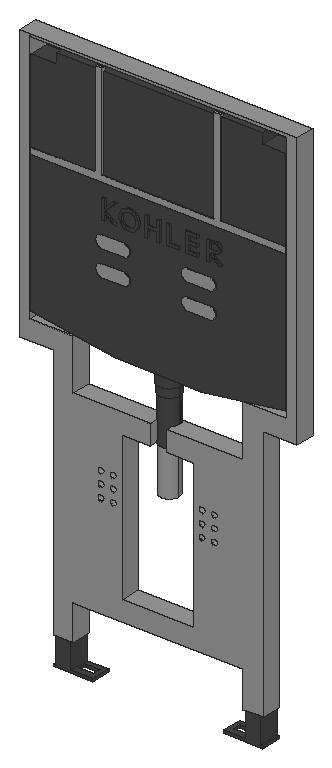
Revit family "Kohler Instaflush 77028IN-M-NA Family", category Generic Models, Revit 2018
Family settings
  Can host rebar = No
  Round Connector Dimension = Use Diameter
  Part Type = Normal
  Work Plane-Based = No
  Always vertical = Yes
  Cut with Voids When Loaded = No
  Shared = No
  Room Calculation Point = No
Parameters (values of type "Kohler 77028IN-M-NA")
  Width = 40 mm
  URL = "http://www.us.kohler.com"
  Type Image = 77028IN-M-NA.tif
  Model = "Kohler InstaFlush 77028IN-M-NA"
  Material Water Can = White
  Material Stand = Gold
  Material Frame = frame
  Material Name = holes
  Manufacturer = "Kohler"
  Length = 560 mm
  Height = 1127 mm
  Guarantees = "No Leakages, 50 Years of use"
  Fill Up Tank = 3.0 Pa
  Description = "In-Wall tank with full Frame"
Reference planes
  plane 1 "Center (Front/Back)": y = 0
  plane 2: z = 0
  plane 3 "Center (Left/Right)": x = 0
  plane 4: y = 0
  plane 5: y = -40
  plane 6: y = 0
  plane 7: y = -35.5
  plane 8: y = -40
  plane 9: y = -40
Forms (mm)
  Extrusion 1, void
    sketch origin (-213, -40, -1113.862) x (1, 0, 0) y (0, 1, 0)
      loop
        line (355, 14) -> (385, 14) -> (385, 29) -> (355, 29) -> (355, 14)
      loop
        line (40, 14) -> (70, 14) -> (70, 29) -> (40, 29) -> (40, 14)
    from 0 to -5
  Extrusion 2, void
    sketch origin (-0.021, -40, -518.383) x (0, 0, -1) y (1, 0, 0)
      loop
        circle (210.872, -90.479) r 6
      loop
        circle (210.872, -115.479) r 6
      loop
        circle (235.872, -115.479) r 6
      loop
        circle (235.872, -90.479) r 6
      loop
        circle (260.872, -115.479) r 6
      loop
        circle (260.872, -90.479) r 6
      loop
        circle (210.872, 89.521) r 6
      loop
        circle (210.872, 114.521) r 6
      loop
        circle (235.872, 114.521) r 6
      loop
        circle (235.872, 89.521) r 6
      loop
        circle (260.872, 114.521) r 6
      loop
        circle (260.872, 89.521) r 6
    from 0 to -40
  Extrusion 3, solid, material "White"
    sketch origin (-0.021, -40, -518.383) x (0, 0, -1) y (1, 0, 0)
      loop
        arc (-29.24, -259.281) -> (-0.258, -0.37) -> (-28.829, 258.586) r 1179.342
        line (-28.829, 258.586) -> (-496.149, 258.586) -> (-496.149, 210.917) -> (-516.149, 210.917)
        arc (-516.149, 210.917) -> (-523.183, 2.755) -> (-515.24, -205.375) r 2896.6
        line (-515.24, -205.375) -> (-495.24, -205.375) -> (-495.24, -259.281) -> (-29.24, -259.281)
    from 0 to -40
  Extrusion 4, solid, material "Rubber - Black"
    sketch origin (-0.021, -40, -518.383) x (0, 0, -1) y (1, 0, 0)
      loop
        line (-286.958, 19.649) -> (-246.958, 19.649) -> (-246.958, 43.142) -> (-252.958, 43.142) -> (-252.958, 25.649) -> (-286.958, 25.649) -> (-286.958, 19.649)
      loop
        line (-286.958, -112.875) -> (-246.958, -112.875) -> (-246.958, -106.875) -> (-259.07, -106.875) -> (-246.958, -89.085) -> (-246.958, -83.085) -> (-263.154, -106.875) -> (-286.958, -83.085) -> (-286.958, -89.085) -> (-269.158, -106.875) -> (-286.958, -106.875) -> (-286.958, -112.875)
      loop
        line (-286.958, 63.612) -> (-286.958, 57.612) -> (-246.958, 57.612) -> (-246.958, 81.105) -> (-252.958, 81.105) -> (-252.958, 63.612) -> (-264.534, 63.612) -> (-264.534, 81.105) -> (-270.534, 81.105) -> (-270.534, 63.612) -> (-280.958, 63.612) -> (-280.958, 81.105) -> (-286.958, 81.105) -> (-286.958, 63.612)
      loop
        line (-286.958, -25.155) -> (-246.958, -25.155) -> (-246.958, -19.155) -> (-263.958, -19.155) -> (-263.958, -0.155) -> (-246.958, -0.155) -> (-246.958, 5.845) -> (-286.958, 5.845) -> (-286.958, -0.155) -> (-269.958, -0.155) -> (-269.958, -19.155) -> (-286.958, -19.155) -> (-286.958, -25.155)
      loop
        line (-286.958, 99.937) -> (-246.958, 99.937) -> (-246.958, 105.937) -> (-262.216, 105.937) -> (-246.958, 125.243) -> (-246.958, 131.243) -> (-266.958, 105.937) -> (-266.958, 119.196)
        arc (-266.958, 119.196) -> (-276.958, 129.196) -> (-286.958, 119.196) r 10
        line (-286.958, 119.196) -> (-286.958, 99.937)
      loop
        circle (-265.506, -57.326) r 20.065
      loop
        line (-283.958, 105.937) -> (-269.958, 105.937) -> (-269.958, 119.196)
        arc (-269.958, 119.196) -> (-276.958, 126.196) -> (-283.958, 119.196) r 7
        line (-283.958, 119.196) -> (-283.958, 105.937)
      loop
        circle (-265.506, -57.326) r 14.878
    from 0 to 3
  Extrusion 5, solid
    sketch origin (172, 0, -649.162) x (0, 1, 0) y (1, 0, 0)
      loop
        circle (-11.709, -172) r 20
    from 0 to -92
  Extrusion 6, solid, material "frame"
    sketch origin (172, 0, -649.162) x (0, 1, 0) y (1, 0, 0)
      loop
        circle (-11.709, -172) r 19
    from 0 to -91.75
  Extrusion 7, solid, material "frame"
    sketch origin (0, 7.291, -557.412) x (-1, 0, 0) y (0, -1, 0)
      loop
        circle (0, 19) r 21.5
    from 0 to 18.75
  Extrusion 8, solid, material "frame"
    sketch origin (-21.5, -11.709, -538.662) x (0, -1, 0) y (1, 0, 0)
      loop
        circle (0, 21.5) r 24
    from 0 to 23.75
  Extrusion 9, solid, material "frame"
    sketch origin (0, 7.291, -649.162) x (0, -1, 0) y (-1, 0, 0)
      loop
        circle (19, 0) r 19
    from 0 to 93
  Extrusion 10, solid, material "holes"
    sketch origin (0, -35.5, 0) x (-1, 0, 0) y (0, 0, 1)
      loop
        arc (127.176, 1.601) -> (120.177, 1.922) -> (113.176, 2.227) r 2896.6
        line (113.176, 2.227) -> (113.176, -190.906) -> (-112.824, -190.906) -> (-112.824, 2.948)
        arc (-112.824, 2.948) -> (-119.824, 2.688) -> (-126.824, 2.412) r 2896.6
        line (-126.824, 2.412) -> (-126.824, -190.906) -> (-258.564, -190.906) -> (-258.564, -204.906) -> (259.302, -204.906) -> (259.302, -190.906) -> (127.176, -190.906) -> (127.176, 1.601)
      loop
        line (113.176, -352.777) -> (69.563, -352.777)
        arc (69.563, -352.777) -> (57.063, -365.277) -> (69.563, -377.777) r 12.5
        line (69.563, -377.777) -> (113.176, -377.777)
        arc (113.176, -377.777) -> (125.676, -365.277) -> (113.176, -352.777) r 12.5
      loop
        line (69.563, -325.163) -> (113.176, -325.163)
        arc (113.176, -325.163) -> (125.676, -312.663) -> (113.176, -300.163) r 12.5
        line (113.176, -300.163) -> (69.563, -300.163)
        arc (69.563, -300.163) -> (57.063, -312.663) -> (69.563, -325.163) r 12.5
      loop
        arc (-104.172, -300.163) -> (-116.672, -312.663) -> (-104.172, -325.163) r 12.5
        line (-104.172, -325.163) -> (-60.559, -325.163)
        arc (-60.559, -325.163) -> (-48.059, -312.663) -> (-60.559, -300.163) r 12.5
        line (-60.559, -300.163) -> (-104.172, -300.163)
      loop
        line (-60.559, -352.777) -> (-104.172, -352.777)
        arc (-104.172, -352.777) -> (-116.672, -365.277) -> (-104.172, -377.777) r 12.5
        line (-104.172, -377.777) -> (-60.559, -377.777)
        arc (-60.559, -377.777) -> (-48.059, -365.277) -> (-60.559, -352.777) r 12.5
    from 0 to -5.234
  Extrusion 11, solid, material "frame"
    sketch origin (-0.021, 0, -518.383) x (0, 0, 1) y (1, 0, 0)
      loop
        line (531.22, -279.979) -> (531.22, 280.021) -> (-25.78, 280.021) -> (-25.78, 213.021) -> (-543.78, 213.021) -> (-543.78, 172.021) -> (-470.78, 172.021) -> (-470.78, -172.979) -> (-543.78, -172.979) -> (-543.78, -212.979) -> (-25.78, -212.979) -> (-25.78, -279.979) -> (531.22, -279.979)
      loop
        circle (-260.872, 114.521) r 6
      loop
        circle (-260.872, 89.521) r 6
      loop
        circle (-235.872, 89.521) r 6
      loop
        circle (-210.872, 114.521) r 6
      loop
        circle (-260.872, -90.479) r 6
      loop
        circle (-235.872, -90.479) r 6
      loop
        circle (-210.872, -115.479) r 6
      loop
        circle (-210.872, -90.479) r 6
      loop
        circle (-235.872, -115.479) r 6
      loop
        circle (-260.872, -115.479) r 6
      loop
        circle (-210.872, 89.521) r 6
      loop
        circle (-235.872, 114.521) r 6
      loop
        line (-90.78, -16.193) -> (-90.78, -172.979) -> (14.22, -172.979) -> (14.22, -259.979) -> (527.62, -259.979) -> (527.62, 260.021) -> (14.22, 260.021) -> (14.22, 172.021) -> (-90.78, 172.021) -> (-90.78, 16.236) -> (-130.78, 16.236) -> (-130.78, 72.021) -> (-430.78, 72.021) -> (-430.78, -72.979) -> (-130.78, -72.979) -> (-130.78, -16.193) -> (-90.78, -16.193)
    from 0 to -40
  Extrusion 12, solid, material "Gold"
    sketch origin (-0.5, 0, -1090.512) x (0, 0, 1) y (1, 0, 0)
      loop
        line (-28.35, 212.5) -> (-28.35, 132.5) -> (-23.35, 132.5) -> (-23.35, 177.5) -> (28.35, 177.5) -> (28.35, 207.5) -> (-23.35, 207.5) -> (-23.35, 212.5) -> (-28.35, 212.5)
      loop
        line (28.35, -177.5) -> (-23.35, -177.5) -> (-23.35, -132.5) -> (-28.35, -132.5) -> (-28.35, -212.5) -> (-23.35, -212.5) -> (-23.35, -207.5) -> (28.35, -207.5) -> (28.35, -177.5)
    from 0 to -40
Cuts and joins
  Extrusion 2 cuts Extrusion 6
  joined: Extrusion 6, Extrusion 7, Extrusion 8, Extrusion 9, Extrusion 11
  Extrusion 1 cuts Extrusion 12
Lines and regions (mm)
  reference lines
    curve 1: line (-280, 0, 12.838) -> (280, 0, 12.838)
    curve 2: line (280, 0, 12.838) -> (280, 0, -544.162)
    curve 3: line (280, 0, -544.162) -> (213, 0, -544.162)
    curve 4: line (213, 0, -544.162) -> (213, 0, -1062.162)
    curve 5: line (172, 0, -1062.162) -> (213, 0, -1062.162)
    curve 6: line (172, 0, -989.162) -> (172, 0, -1062.162)
    curve 7: line (-173, 0, -989.162) -> (172, 0, -989.162)
    curve 8: line (-173, 0, -1062.162) -> (-173, 0, -989.162)
    curve 9: line (-213, 0, -1062.162) -> (-173, 0, -1062.162)
    curve 10: line (-213, 0, -544.162) -> (-213, 0, -1062.162)
    curve 11: line (-280, 0, -544.162) -> (-213, 0, -544.162)
    curve 12: line (-280, 0, 12.838) -> (-280, 0, -544.162)
    curve 13: line (172, 0, -949.162) -> (-173, 0, -949.162)
    curve 14: line (172, 0, -949.162) -> (172, 0, -649.162)
    curve 15: line (172, 0, -649.162) -> (-173, 0, -649.162)
    curve 16: line (-73, 0, -949.162) -> (-73, 0, -649.162)
    curve 17: line (-260, 0, -211.789) -> (-260, 0, -504.162)
    curve 18: line (-173, 0, -504.162) -> (-260, 0, -504.162)
    curve 19: line (-173, 0, -609.162) -> (-173, 0, -504.162)
    curve 20: line (-173, 0, -609.162) -> (172, 0, -609.162)
    curve 21: line (172, 0, -609.162) -> (172, 0, -504.162)
    curve 22: line (172, 0, -504.162) -> (260, 0, -504.162)
    curve 23: line (260, 0, -211.789) -> (260, 0, -504.162)
    curve 24: line (260, 0, -211.789) -> (260, 0, 9.238)
    curve 25: line (260, 0, 9.238) -> (-260, 0, 9.238)
    curve 26: line (-260, 0, -211.789) -> (-260, 0, 9.238)
    curve 27: line (72, 0, -949.162) -> (72, 0, -649.162)
    curve 28: line (172, 0, -949.162) -> (72, 0, -949.162)
    curve 29: line (-208, -40, -1113.862) -> (-213, -40, -1113.862)
    curve 30: line (-213, -40, -1113.862) -> (-213, -40, -1118.862)
    curve 31: line (-213, -40, -1118.862) -> (-133, -40, -1118.862)
    curve 32: line (-133, -40, -1118.862) -> (-133, -40, -1113.862)
    curve 33: line (-133, -40, -1113.862) -> (-208, -40, -1113.862)
    curve 34: line (132, -40, -1118.862) -> (132, -40, -1113.862)
    curve 35: line (212, -40, -1118.862) -> (132, -40, -1118.862)
    curve 36: line (212, -40, -1113.862) -> (212, -40, -1118.862)
    curve 37: line (207, -40, -1113.862) -> (212, -40, -1113.862)
    curve 38: line (132, -40, -1113.862) -> (207, -40, -1113.862)
    curve 39: line (-208, -40, -1113.862) -> (-208, -40, -1062.162)
    curve 40: line (-178, -40, -1113.862) -> (-208, -40, -1113.862)
    curve 41: line (-178, -40, -1062.162) -> (-178, -40, -1113.862)
    curve 42: line (-208, -40, -1062.162) -> (-178, -40, -1062.162)
    curve 43: line (207, -40, -1062.162) -> (177, -40, -1062.162)
    curve 44: line (177, -40, -1062.162) -> (177, -40, -1113.862)
    curve 45: line (177, -40, -1113.862) -> (207, -40, -1113.862)
    curve 46: line (207, -40, -1113.862) -> (207, -40, -1062.162)
    curve 47: line (142, -26, -1113.862) -> (172, -26, -1113.862)
    curve 48: line (172, -26, -1113.862) -> (172, -11, -1113.862)
    curve 49: line (172, -11, -1113.862) -> (142, -11, -1113.862)
    curve 50: line (142, -11, -1113.862) -> (142, -26, -1113.862)
    curve 51: line (-173, -26, -1113.862) -> (-143, -26, -1113.862)
    curve 52: line (-143, -26, -1113.862) -> (-143, -11, -1113.862)
    curve 53: line (-143, -11, -1113.862) -> (-173, -11, -1113.862)
    curve 54: line (-173, -11, -1113.862) -> (-173, -26, -1113.862)
    curve 55: circle (-90.5, -40, -729.255) r 6 normal (0, -1, 0)
    curve 56: circle (-115.5, -40, -729.255) r 6 normal (0, -1, 0)
    curve 57: circle (-115.5, -40, -754.255) r 6 normal (0, -1, 0)
    curve 58: circle (-90.5, -40, -754.255) r 6 normal (0, -1, 0)
    curve 59: circle (-115.5, -40, -779.255) r 6 normal (0, -1, 0)
    curve 60: circle (-90.5, -40, -779.255) r 6 normal (0, -1, 0)
    curve 61: circle (89.5, -40, -729.255) r 6 normal (0, -1, 0)
    curve 62: circle (114.5, -40, -729.255) r 6 normal (0, -1, 0)
    curve 63: circle (114.5, -40, -754.255) r 6 normal (0, -1, 0)
    curve 64: circle (89.5, -40, -754.255) r 6 normal (0, -1, 0)
    curve 65: circle (114.5, -40, -779.255) r 6 normal (0, -1, 0)
    curve 66: circle (89.5, -40, -779.255) r 6 normal (0, -1, 0)
    curve 67: line (-259.302, -40, -489.143) -> (-259.302, -40, -23.143)
    curve 68: line (-259.302, -40, -23.143) -> (-205.397, -40, -23.143)
    curve 69: line (-205.397, -40, -23.143) -> (-205.397, -40, -3.143)
    curve 70: arc (210.896, -40, -2.234) -> (2.733, -40, 4.8) -> (-205.397, -40, -3.143) r 2896.6
    curve 71: line (210.896, -40, -22.234) -> (210.896, -40, -2.234)
    curve 72: line (258.564, -40, -22.234) -> (210.896, -40, -22.234)
    curve 73: line (258.564, -40, -489.554) -> (258.564, -40, -22.234)
    curve 74: arc (-259.302, -40, -489.143) -> (-0.392, -40, -518.125) -> (258.564, -40, -489.554) r 1179.342
    curve 75: line (19.628, -40, -231.425) -> (19.628, -40, -271.425)
    curve 76: line (19.628, -40, -271.425) -> (43.121, -40, -271.425)
    curve 77: line (43.121, -40, -271.425) -> (43.121, -40, -265.425)
    curve 78: line (43.121, -40, -265.425) -> (25.628, -40, -265.425)
    curve 79: line (25.628, -40, -231.425) -> (25.628, -40, -265.425)
    curve 80: line (19.628, -40, -231.425) -> (25.628, -40, -231.425)
    curve 81: line (-112.897, -40, -231.425) -> (-112.897, -40, -271.425)
    curve 82: line (-112.897, -40, -271.425) -> (-106.897, -40, -271.425)
    curve 83: line (-106.897, -40, -271.425) -> (-106.897, -40, -259.313)
    curve 84: line (-89.106, -40, -271.425) -> (-106.897, -40, -259.313)
    curve 85: line (-83.106, -40, -271.425) -> (-89.106, -40, -271.425)
    curve 86: line (-106.897, -40, -255.228) -> (-83.106, -40, -271.425)
    curve 87: line (-83.106, -40, -231.425) -> (-106.897, -40, -255.228)
    curve 88: line (-89.106, -40, -231.425) -> (-83.106, -40, -231.425)
    curve 89: line (-106.897, -40, -249.225) -> (-89.106, -40, -231.425)
    curve 90: line (-106.897, -40, -249.225) -> (-106.897, -40, -231.425)
    curve 91: line (-106.897, -40, -231.425) -> (-112.897, -40, -231.425)
    curve 92: line (57.591, -40, -231.425) -> (63.591, -40, -231.425)
    curve 93: line (57.591, -40, -231.425) -> (57.591, -40, -271.425)
    curve 94: line (57.591, -40, -271.425) -> (81.084, -40, -271.425)
    curve 95: line (81.084, -40, -271.425) -> (81.084, -40, -265.425)
    curve 96: line (81.084, -40, -265.425) -> (63.591, -40, -265.425)
    curve 97: line (63.591, -40, -253.848) -> (63.591, -40, -265.425)
    curve 98: line (63.591, -40, -253.848) -> (81.084, -40, -253.848)
    curve 99: line (81.084, -40, -253.848) -> (81.084, -40, -247.848)
    curve 100: line (81.084, -40, -247.848) -> (63.591, -40, -247.848)
    curve 101: line (63.591, -40, -237.425) -> (63.591, -40, -247.848)
    curve 102: line (81.084, -40, -237.425) -> (63.591, -40, -237.425)
    curve 103: line (81.084, -40, -231.425) -> (81.084, -40, -237.425)
    curve 104: line (63.591, -40, -231.425) -> (81.084, -40, -231.425)
    curve 105: line (-25.176, -40, -231.425) -> (-25.176, -40, -271.425)
    curve 106: line (-25.176, -40, -271.425) -> (-19.176, -40, -271.425)
    curve 107: line (-19.176, -40, -271.425) -> (-19.176, -40, -254.425)
    curve 108: line (-19.176, -40, -254.425) -> (-0.176, -40, -254.425)
    curve 109: line (-0.176, -40, -271.425) -> (-0.176, -40, -254.425)
    curve 110: line (5.824, -40, -271.425) -> (-0.176, -40, -271.425)
    curve 111: line (5.824, -40, -231.425) -> (5.824, -40, -271.425)
    curve 112: line (-0.176, -40, -231.425) -> (5.824, -40, -231.425)
    curve 113: line (-0.176, -40, -248.425) -> (-0.176, -40, -231.425)
    curve 114: line (-19.176, -40, -248.425) -> (-0.176, -40, -248.425)
    curve 115: line (-19.176, -40, -248.425) -> (-19.176, -40, -231.425)
    curve 116: line (-19.176, -40, -231.425) -> (-25.176, -40, -231.425)
    curve 117: line (99.916, -40, -231.425) -> (99.916, -40, -271.425)
    curve 118: line (99.916, -40, -271.425) -> (105.916, -40, -271.425)
    curve 119: line (105.916, -40, -271.425) -> (105.916, -40, -256.167)
    curve 120: line (125.221, -40, -271.425) -> (105.916, -40, -256.167)
    curve 121: line (131.221, -40, -271.425) -> (125.221, -40, -271.425)
    curve 122: line (105.916, -40, -251.425) -> (131.221, -40, -271.425)
    curve 123: line (119.175, -40, -251.425) -> (105.916, -40, -251.425)
    curve 124: arc (119.175, -40, -251.425) -> (129.175, -40, -241.425) -> (119.175, -40, -231.425) r 10
    curve 125: line (119.175, -40, -231.425) -> (99.916, -40, -231.425)
    curve 126: circle (-57.347, -40, -252.877) r 20.065 normal (0, -1, 0)
    curve 127: line (105.916, -40, -248.425) -> (105.916, -40, -234.425)
    curve 128: line (119.175, -40, -248.425) -> (105.916, -40, -248.425)
    curve 129: arc (119.175, -40, -248.425) -> (126.175, -40, -241.425) -> (119.175, -40, -234.425) r 7
    curve 130: line (119.175, -40, -234.425) -> (105.916, -40, -234.425)
    curve 131: circle (-57.347, -40, -252.877) r 14.878 normal (0, -1, 0)
    curve 132: circle (0, -11.709, -649.162) r 20 normal (0, 0, -1)
    curve 133: circle (0, -11.709, -649.162) r 19 normal (0, 0, -1)
    curve 134: circle (0, -11.709, -557.412) r 21.5 normal (0, 0, 1)
    curve 135: circle (0, -11.709, -538.662) r 24 normal (0, 0, 1)
    curve 136: circle (0, -11.709, -649.162) r 19 normal (0, 0, -1)
    curve 137: arc (-127.176, -35.5, 1.601) -> (-120.177, -35.5, 1.922) -> (-113.176, -35.5, 2.227) r 2896.6
    curve 138: line (-113.176, -35.5, -190.906) -> (-113.176, -35.5, 2.227)
    curve 139: line (-113.176, -35.5, -190.906) -> (112.824, -35.5, -190.906)
    curve 140: line (112.824, -35.5, -190.906) -> (112.824, -35.5, 2.948)
    curve 141: arc (112.824, -35.5, 2.948) -> (119.824, -35.5, 2.688) -> (126.824, -35.5, 2.412) r 2896.6
    curve 142: line (126.824, -35.5, 2.412) -> (126.824, -35.5, -190.906)
    curve 143: line (126.824, -35.5, -190.906) -> (258.564, -35.5, -190.906)
    curve 144: line (258.564, -35.5, -204.906) -> (258.564, -35.5, -190.906)
    curve 145: line (-259.302, -35.5, -204.906) -> (258.564, -35.5, -204.906)
    curve 146: line (-259.302, -35.5, -204.906) -> (-259.302, -35.5, -190.906)
    curve 147: line (-259.302, -35.5, -190.906) -> (-127.176, -35.5, -190.906)
    curve 148: line (-127.176, -35.5, 1.601) -> (-127.176, -35.5, -190.906)
    curve 149: arc (-113.176, -35.5, -377.777) -> (-125.676, -35.5, -365.277) -> (-113.176, -35.5, -352.777) r 12.5
    curve 150: line (-69.563, -35.5, -377.777) -> (-113.176, -35.5, -377.777)
    curve 151: arc (-69.563, -35.5, -352.777) -> (-57.063, -35.5, -365.277) -> (-69.563, -35.5, -377.777) r 12.5
    curve 152: line (-113.176, -35.5, -352.777) -> (-69.563, -35.5, -352.777)
    curve 153: arc (-69.563, -35.5, -300.163) -> (-57.063, -35.5, -312.663) -> (-69.563, -35.5, -325.163) r 12.5
    curve 154: line (-69.563, -35.5, -300.163) -> (-113.176, -35.5, -300.163)
    curve 155: arc (-113.176, -35.5, -325.163) -> (-125.676, -35.5, -312.663) -> (-113.176, -35.5, -300.163) r 12.5
    curve 156: line (-69.563, -35.5, -325.163) -> (-113.176, -35.5, -325.163)
    curve 157: arc (104.172, -35.5, -300.163) -> (116.672, -35.5, -312.663) -> (104.172, -35.5, -325.163) r 12.5
    curve 158: line (104.172, -35.5, -325.163) -> (60.559, -35.5, -325.163)
    curve 159: arc (60.559, -35.5, -325.163) -> (48.059, -35.5, -312.663) -> (60.559, -35.5, -300.163) r 12.5
    curve 160: line (104.172, -35.5, -300.163) -> (60.559, -35.5, -300.163)
    curve 161: arc (60.559, -35.5, -377.777) -> (48.059, -35.5, -365.277) -> (60.559, -35.5, -352.777) r 12.5
    curve 162: line (104.172, -35.5, -377.777) -> (60.559, -35.5, -377.777)
    curve 163: arc (104.172, -35.5, -352.777) -> (116.672, -35.5, -365.277) -> (104.172, -35.5, -377.777) r 12.5
    curve 164: line (60.559, -35.5, -352.777) -> (104.172, -35.5, -352.777)
    curve 165: line (-280, 0, 12.838) -> (280, 0, 12.838)
    curve 166: line (280, 0, 12.838) -> (280, 0, -544.162)
    curve 167: line (280, 0, -544.162) -> (213, 0, -544.162)
    curve 168: line (213, 0, -544.162) -> (213, 0, -1062.162)
    curve 169: line (213, 0, -1062.162) -> (172, 0, -1062.162)
    curve 170: line (172, 0, -1062.162) -> (172, 0, -989.162)
    curve 171: line (172, 0, -989.162) -> (-173, 0, -989.162)
    curve 172: line (-173, 0, -989.162) -> (-173, 0, -1062.162)
    curve 173: line (-173, 0, -1062.162) -> (-213, 0, -1062.162)
    curve 174: line (-213, 0, -1062.162) -> (-213, 0, -544.162)
    curve 175: line (-213, 0, -544.162) -> (-280, 0, -544.162)
    curve 176: line (-280, 0, -544.162) -> (-280, 0, 12.838)
    curve 177: circle (114.5, 0, -779.255) r 6 normal (0, 1, 0)
    curve 178: circle (89.5, 0, -779.255) r 6 normal (0, 1, 0)
    curve 179: circle (89.5, 0, -754.255) r 6 normal (0, 1, 0)
    curve 180: circle (114.5, 0, -729.255) r 6 normal (0, 1, 0)
    curve 181: circle (-90.5, 0, -779.255) r 6 normal (0, 1, 0)
    curve 182: circle (-90.5, 0, -754.255) r 6 normal (0, 1, 0)
    curve 183: circle (-115.5, 0, -729.255) r 6 normal (0, 1, 0)
    curve 184: circle (-90.5, 0, -729.255) r 6 normal (0, 1, 0)
    curve 185: circle (-115.5, 0, -754.255) r 6 normal (0, 1, 0)
    curve 186: circle (-115.5, 0, -779.255) r 6 normal (0, 1, 0)
    curve 187: circle (89.5, 0, -729.255) r 6 normal (0, 1, 0)
    curve 188: circle (114.5, 0, -754.255) r 6 normal (0, 1, 0)
    curve 189: line (-16.214, 0, -609.162) -> (-16.214, 0, -649.162)
    curve 190: line (-16.214, 0, -649.162) -> (-73, 0, -649.162)
    curve 191: line (-73, 0, -649.162) -> (-73, 0, -949.162)
    curve 192: line (-73, 0, -949.162) -> (72, 0, -949.162)
    curve 193: line (72, 0, -649.162) -> (72, 0, -949.162)
    curve 194: line (72, 0, -649.162) -> (16.214, 0, -649.162)
    curve 195: line (16.214, 0, -649.162) -> (16.214, 0, -609.162)
    curve 196: line (16.214, 0, -609.162) -> (172, 0, -609.162)
    curve 197: line (172, 0, -609.162) -> (172, 0, -504.162)
    curve 198: line (172, 0, -504.162) -> (260, 0, -504.162)
    curve 199: line (260, 0, -504.162) -> (260, 0, 9.238)
    curve 200: line (260, 0, 9.238) -> (-260, 0, 9.238)
    curve 201: line (-260, 0, 9.238) -> (-260, 0, -504.162)
    curve 202: line (-260, 0, -504.162) -> (-173, 0, -504.162)
    curve 203: line (-173, 0, -504.162) -> (-173, 0, -609.162)
    curve 204: line (-173, 0, -609.162) -> (-16.214, 0, -609.162)
    curve 205: line (212, 0, -1118.862) -> (132, 0, -1118.862)
    curve 206: line (132, 0, -1118.862) -> (132, 0, -1113.862)
    curve 207: line (132, 0, -1113.862) -> (177, 0, -1113.862)
    curve 208: line (177, 0, -1113.862) -> (177, 0, -1062.162)
    curve 209: line (177, 0, -1062.162) -> (207, 0, -1062.162)
    curve 210: line (207, 0, -1062.162) -> (207, 0, -1113.862)
    curve 211: line (207, 0, -1113.862) -> (212, 0, -1113.862)
    curve 212: line (212, 0, -1113.862) -> (212, 0, -1118.862)
    curve 213: line (-178, 0, -1062.162) -> (-178, 0, -1113.862)
    curve 214: line (-178, 0, -1113.862) -> (-133, 0, -1113.862)
    curve 215: line (-133, 0, -1113.862) -> (-133, 0, -1118.862)
    curve 216: line (-133, 0, -1118.862) -> (-213, 0, -1118.862)
    curve 217: line (-213, 0, -1118.862) -> (-213, 0, -1113.862)
    curve 218: line (-213, 0, -1113.862) -> (-208, 0, -1113.862)
    curve 219: line (-208, 0, -1113.862) -> (-208, 0, -1062.162)
    curve 220: line (-208, 0, -1062.162) -> (-178, 0, -1062.162)
Dimensions and locks
  locked: plane 4 to plane 5 at 40
  locked: plane 7 to plane 6 at 35.5
  locked: plane 5 to plane 9
  aligned and locked: level to plane 2
  aligned and locked: Extrusion 2 to plane 4
  aligned and locked: Extrusion 2 to plane 5
  aligned and locked: Extrusion 3 sketch curve to curve 70
  aligned and locked: Extrusion 3 sketch curve to curve 74
  aligned and locked: Extrusion 4 sketch curve to curve 124
  aligned and locked: plane 7 to Extrusion 10
  aligned and locked: Extrusion 10 sketch curve to curve 137
  aligned and locked: Extrusion 10 sketch curve to curve 141
  aligned and locked: Extrusion 10 sketch curve to curve 149
  aligned and locked: Extrusion 12 to plane 5
